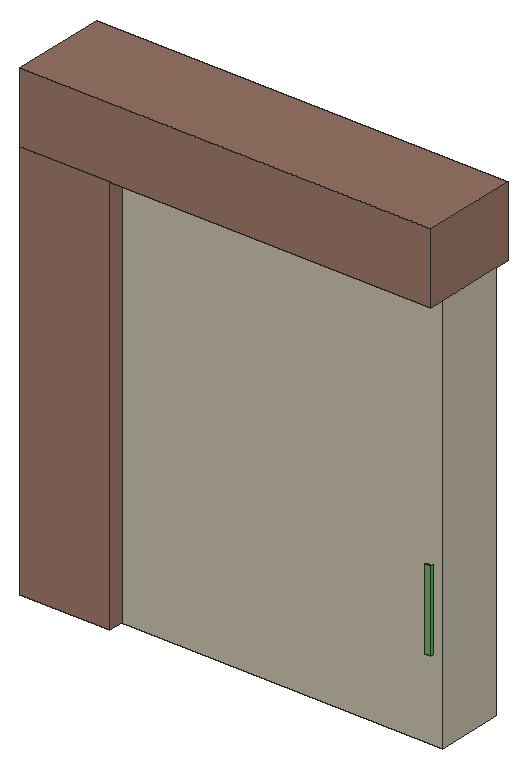
Revit family
Parameters (values of type "Default")
  URL = "www.wondoor.com"
  Type Comments = "Straight Door"  # constant formula
  Minimum Width = 8' - 0"
  Maximum Width = 10' - 0"
  Maximum Height = 10' - 3 1/4"
  Keynote = ""
  Drywall 2 Layer = not([1 Hour Fire Rating])  # no
  Drywall 1 Layer = or([1 Hour Fire Rating], [2 Hour Fire Rating])  # yes
  Door Open [instance] = not(Door Closed)  # no
  Door Closed [instance] = yes
  2 Hour Fire Rating = no
  Thickness = 1' - 6"  # constant formula
  Stack Depth = 1' - 10"
  Series = "FireGuard Moveable Fire Wall"  # constant formula
  Section Spacing = Stack Depth - 1' 4 5/32"  # 0' - 5 27/32"
  Rough Width = Width + Stack Depth  # 9' - 10"
  Rough Height = Head Height + Height  # 11' - 6"
  Revisions Date = "7/31/2012"  # constant formula
  Pocket Thickness = if([2 Hour Fire Rating], 0' 6 1/8", 0' 4 7/8")  # 0' - 4 7/8"
  Pocket Finish = Wood - Won Door - Wall Finish
  Pocket Depth = if([2 Hour Fire Rating], 2' 7 1/4", 2' 4 3/4")  # 2' - 4 3/4"
  Operation = "Horizontal Sliding"
  Opening Width = 8' - 0"
  Opening Height = 10' - 0"
  1 Hour Fire Rating = not([2 Hour Fire Rating])  # yes
  Model = "Default"
  MasterFormat Title = "Folding Fire Doors"  # constant formula
  MasterFormat Number = "08.35.13.23"  # constant formula
  Manufacturer = "Won-Door Corporation"  # constant formula
  LEED = ""
  Head Height = 1' - 6"
  Head Finish = Wood - Won Door - Wall Finish
  Hardware Finish = Plastic - Won Door - Green - Exit Hardware Finish
  Function = (empty or 0)
  Height = if(or(Opening Height < Maximum Height, Opening Height = Maximum Height), Opening Height, Maximum Height)  # 10' - 0"
  Wall Closure = (empty or 0)
  Width = if(Opening Width > Maximum Width, Maximum Width, if(Opening Width < Minimum Width, Minimum Width, Opening Width))  # 8' - 0"
  Fire Rating = if([2 Hour Fire Rating], "1.5 Hour", "1 Hour")  # "1 Hour"
  Description = "Moveable Fire Wall"  # constant formula
  Created By = "CADdetails, LTD"  # constant formula
  Assembly Code = "C1020110"
  Architectural Design Manual = "http://www.caddetails.com/2004/mainlogin.asp?brow=yes&pe=1&cid=3071"
  Accordain Door Finish = Metal - Won Door - #33 Toast - Steel V-grooved
Reference planes (in)
  plane 1 "Center (Front/Back)": y = 0
  plane 2 "Center (Left/Right)": x = 11
  plane 3 "Left": x = -63.875
  plane 4 "Right": x = 59
  plane 5 "Top": z = 141.25289
  plane 6 "Exterior": y = 3.011
  plane 7 "Interior": y = -2.989
  plane 8: x = -37
  plane 9: y = 14.375
  plane 10: y = -14.375
  plane 11 "Back": y = 10
  plane 12 "Front": y = -10
  plane 13: z = 121.66389
  plane 14: z = 120
  plane 15 "Threaded Rod": z = 125.12789
  plane 16: x = -59
Forms (in)
  Extrusion 1, solid, material "Wood - Won Door - Wall Finish" <- "Pocket Finish"
    sketch origin (0, 0, 0) x (1, 0, 0) y (0, 1, 0)
      loop
        line (-59, 10) -> (-37, 10) -> (-37, 14.375) -> (-63.875, 14.375) -> (-63.875, -14.375) -> (-37, -14.375) -> (-37, -10) -> (-59, -10) -> (-59, 10)
    from 0 to 120
  Extrusion 2, solid, material "Metal - Won Door - #33 Toast - Steel V-grooved" <- "Accordain Door Finish", visible <- "Door Closed"
    sketch origin (0, 0, 0) x (1, 0, 0) y (0, 1, 0)
      loop
        line (-59, -10) -> (59, -10) -> (59, 10) -> (-59, 10) -> (-59, -10)
    from 0 to 120
  Extrusion 3, solid, material "Wood - Won Door - Wall Finish" <- "Head Finish"
    sketch origin (11, 0, 0) x (0, 1, 0) y (0, 0, 1)
      loop
        line (9, 121.66389) -> (9, 125.12789) -> (-9, 125.12789) -> (-9, 121.66389) -> (9, 121.66389)
    from -70 to 45
  Extrusion 4, solid, material "Wood - Won Door - Wall Finish" <- "Pocket Finish"
    sketch origin (0, 0, 0) x (1, 0, 0) y (0, 1, 0)
      loop
        line (-63.875, -14.375) -> (59, -14.375) -> (59, 14.375) -> (-63.875, 14.375) -> (-63.875, -14.375)
      loop
        line (56, -9) -> (56, 9) -> (-60.875, 9) -> (-60.875, -9) -> (56, -9)
    from 120 to 141.25289
  Extrusion 5, solid, material "Wood - Won Door - Wall Finish" <- "Pocket Finish"
    sketch origin (0, 0, 0) x (1, 0, 0) y (0, 1, 0)
      loop
        line (-60.875, -9) -> (56, -9) -> (56, 9) -> (-60.875, 9) -> (-60.875, -9)
    from 138.25138 to 141.25289
  Extrusion 6, solid, material "Plastic - Won Door - Green - Exit Hardware Finish" <- "Hardware Finish", visible <- "Door Closed", detail levels fine
    sketch origin (0, -10, 0) x (-1, 0, 0) y (0, 0, 1)
      loop
        line (-54.25, 24) -> (-54.25, 48) -> (-56, 48) -> (-56, 24) -> (-54.25, 24)
    from -0.49807 to 0
  Extrusion 7, solid, material "Plastic - Won Door - Green - Exit Hardware Finish" <- "Hardware Finish", visible <- "Door Closed", detail levels fine
    sketch origin (0, 10, 0) x (-1, 0, 0) y (0, 0, 1)
      loop
        line (-56, 24) -> (-54.25, 24) -> (-54.25, 48) -> (-56, 48) -> (-56, 24)
    from 0 to 0.5
  Extrusion 8, solid, material "Metal - Won Door - #33 Toast - Steel V-grooved" <- "Accordain Door Finish", visible <- "Door Open"
    sketch origin (0, 0, 125.12789) x (1, 0, 0) y (0, 1, 0)
      loop
        line (-59, -10) -> (-37, -10) -> (-37, 10) -> (-59, 10) -> (-59, -10)
    from -125.12789 to -5.12789
Cuts and joins
  joined: Extrusion 4, Extrusion 5
Lines and regions (in)
  Opening 1
    outline origin (-90, -2.989, 0) x (1, 0, 0) y (0, 0, 1)
      loop
        line (26.125, 0) -> (149, 0) -> (149, 141.25289) -> (26.125, 141.25289) -> (26.125, 0)
  Masking region 1, detail levels coarse+medium
    outline origin (0, 0, 125.12789) x (1, 0, 0) y (0, 1, 0)
      loop
        line (-63.875, -14.375) -> (-37, -14.375) -> (-37, 14.375) -> (-63.875, 14.375) -> (-63.875, -14.375)
  Masking region 2, detail levels medium
    outline origin (0, 0, 125.12789) x (1, 0, 0) y (0, 1, 0)
      loop
        line (-57.22995, -9.32139) -> (-57.22995, -6.46725) -> (-56.83076, -6.46725) -> (-56.83076, -6.41925) -> (-57.18195, -6.41925) -> (-57.18195, 6.44125) -> (-56.83076, 6.44125) -> (-56.83076, 6.49235) -> (-57.22995, 6.49235) -> (-57.22995, 9.34339)
        arc (-57.22995, 9.34339) -> (-57.42549, 9.81546) -> (-57.89757, 10.011) r 0.66761
        line (-57.89757, 10.011) -> (-59, 10.011) -> (-59, -9.989) -> (-57.89757, -9.989)
        arc (-57.89757, -9.989) -> (-57.42549, -9.79346) -> (-57.22995, -9.32139) r 0.66761
  Masking region 3, detail levels fine
    outline origin (0, 0, 125.12789) x (1, 0, 0) y (0, 1, 0)
      loop
        line (59, -2.0625) -> (61.375, -1.1875) -> (63.25, -1.1875) -> (63.25, 1.1875) -> (61.375, 1.1875) -> (59, 2.0625) -> (59, 1.92929) -> (61.35271, 1.0625) -> (63.125, 1.0625) -> (63.125, -1.0625) -> (61.35271, -1.0625) -> (59, -1.92929) -> (59, -2.0625)
  Masking region 4, detail levels medium
    outline origin (0, 0, 125.12789) x (1, 0, 0) y (0, 1, 0)
      loop
        line (-57.18195, -6.41925) -> (-38.09543, -6.41925) -> (-38.09543, 6.44125) -> (-57.18195, 6.44125) -> (-57.18195, -6.41925)
  Masking region 5, detail levels medium+fine
    outline origin (0, 0, 125.12789) x (1, 0, 0) y (0, 1, 0)
      loop
        line (-37, -12.5) -> (-37, 12.5) -> (-38.09543, 12.5) -> (-38.09543, -12.5) -> (-37, -12.5)
  Masking region 6, detail levels fine
    outline origin (0, 0, 125.12789) x (1, 0, 0) y (0, 1, 0)
      loop
        line (-40.09543, -10) -> (-40.09543, -8.5) -> (-40.22043, -8.5) -> (-40.22043, -9.875) -> (-41.59543, -9.875) -> (-41.59543, -10) -> (-40.09543, -10)
      loop
        line (-40.09543, 10) -> (-41.59543, 10) -> (-41.59543, 9.875) -> (-40.22043, 9.875) -> (-40.22043, 8.5) -> (-40.09543, 8.5) -> (-40.09543, 10)
  Masking region 7, detail levels coarse+medium
    outline origin (0, 0, 125.12789) x (1, 0, 0) y (0, 1, 0)
      loop
        line (59, -2.0625) -> (63.25, -2.0625) -> (63.25, 2.0625) -> (59, 2.0625) -> (59, -2.0625)
  Masking region 8, detail levels medium
    outline origin (11, 0, 0) x (0, 1, 0) y (0, 0, 1)
      loop
        line (9, 121.66389) -> (9, 125.12789) -> (-9, 125.12789) -> (-9, 121.66389) -> (9, 121.66389)
  symbolic lines, style "DoorsHiddenLines"
    curve 1: line (-37, 10, 125.12789) -> (59, 10, 125.12789)
    curve 2: line (-37, -10, 125.12789) -> (59, -10, 125.12789)
    curve 12: line (59, -10, 125.12789) -> (59, 10, 125.12789)
  symbolic lines, style "DoorsHiddenLines", detail levels medium+fine
    curve 3: line (11, 5.96651, 125.12789) -> (11, 5.96651, 141.25289)
    curve 4: line (11, 5.53349, 125.12789) -> (11, 5.53349, 141.25289)
    curve 5: line (11, -5.53349, 125.12789) -> (11, -5.53349, 141.25289)
    curve 6: line (11, -5.96651, 125.12789) -> (11, -5.96651, 141.25289)
    curve 7: line (11, 9, 120) -> (11, 9, 0)
    curve 8: line (11, -9, 120) -> (11, -9, 0)
  symbolic lines, detail levels medium
    curve 9: line (-38.09543, 10, 125.12789) -> (-59, 10, 125.12789)
    curve 10: line (-59, 10, 125.12789) -> (-59, -10, 125.12789)
    curve 11: line (-59, -10, 125.12789) -> (-38.09543, -10, 125.12789)
  symbolic lines, style "DoorsHiddenLines", detail levels fine
    curve 13: line (-54.07342, -6.42885, 125.12789) -> (-47.68899, -6.42885, 125.12789)
    curve 14: line (-47.68899, 6.45085, 125.12789) -> (-54.07342, 6.45085, 125.12789)
  symbolic lines, style "DoorsFrameMullionProjection", visible <- "Drywall 1 Layer", detail levels medium+fine
    curve 15: line (-63.25, -13.75, 125.12789) -> (-37.625, -13.75, 125.12789)
    curve 16: line (-37.625, -13.75, 125.12789) -> (-37.625, -13.125, 125.12789)
    curve 17: line (-37.625, -13.125, 125.12789) -> (-38.72043, -13.125, 125.12789)
    curve 18: line (-38.72043, -13.125, 125.12789) -> (-38.72043, -10.625, 125.12789)
    curve 19: line (-38.72043, -10.625, 125.12789) -> (-59.625, -10.625, 125.12789)
    curve 20: line (-59.625, -10.625, 125.12789) -> (-59.625, 10.636, 125.12789)
    curve 21: line (-59.625, 10.636, 125.12789) -> (-38.72043, 10.636, 125.12789)
    curve 22: line (-38.72043, 10.636, 125.12789) -> (-38.72043, 13.125, 125.12789)
    curve 23: line (-38.72043, 13.125, 125.12789) -> (-37.625, 13.125, 125.12789)
    curve 24: line (-37.625, 13.125, 125.12789) -> (-37.625, 13.75, 125.12789)
    curve 25: line (-37.625, 13.75, 125.12789) -> (-63.25, 13.75, 125.12789)
    curve 26: line (-63.25, 13.75, 125.12789) -> (-63.25, -13.75, 125.12789)
    curve 35: line (11, 9.625, 120.625) -> (11, 13.75, 120.625)
    curve 36: line (11, 13.75, 120.625) -> (11, 13.75, 141.25289)
    curve 37: line (11, 9.625, 141.25289) -> (11, 9.625, 120.625)
    curve 41: line (11, -9.625, 120.625) -> (11, -13.75, 120.625)
    curve 42: line (11, -13.75, 120.625) -> (11, -13.75, 141.25289)
    curve 43: line (11, -9.625, 141.25289) -> (11, -9.625, 120.625)
  symbolic lines, style "DoorsFrameMullionProjection", visible <- "Drywall 2 Layer", detail levels medium+fine
    curve 27: line (-39.34543, -13.125, 125.12789) -> (-39.34543, -11.25, 125.12789)
    curve 28: line (-39.34543, -11.25, 125.12789) -> (-60.25, -11.25, 125.12789)
    curve 29: line (-60.25, -11.25, 125.12789) -> (-60.25, 11.261, 125.12789)
    curve 30: line (-60.25, 11.261, 125.12789) -> (-39.34543, 11.261, 125.12789)
    curve 31: line (-39.34543, 11.261, 125.12789) -> (-39.34543, 13.125, 125.12789)
    curve 32: line (-39.34543, 13.125, 125.12789) -> (-62.625, 13.125, 125.12789)
    curve 33: line (-62.625, 13.125, 125.12789) -> (-62.625, -13.125, 125.12789)
    curve 34: line (-62.625, -13.125, 125.12789) -> (-39.34543, -13.125, 125.12789)
    curve 38: line (11, 13.125, 121.25) -> (11, 13.125, 141.25289)
    curve 39: line (11, 10.25, 141.25289) -> (11, 10.25, 121.25)
    curve 40: line (11, 10.25, 121.25) -> (11, 13.125, 121.25)
    curve 44: line (11, -13.125, 121.25) -> (11, -13.125, 141.25289)
    curve 45: line (11, -10.25, 141.25289) -> (11, -10.25, 121.25)
    curve 46: line (11, -10.25, 121.25) -> (11, -13.125, 121.25)
Text (in)
  text "Exterior" at (-113.03814, 61.76466, 0), in view "Ref. Level"
  text "Interior" at (-87.26001, -45.25896, 0), in view "Ref. Level"
  text "Exterior" at (0, 40.15149, 123.01588), in view "Right"
  text "Interior" at (0, -64.39139, 123.01588), in view "Right"
  text "Interior" at (0, -31.01599, 123.00693), in view "Left"
  text "Exterior" at (0, 54.57065, 123.00693), in view "Left"
Dimensions and locks (in)
  host wall to plane 5 "Top" = 11' - 9.25289"
  "Pocket Depth": plane 9 to plane 10
  equal spacing: plane 9, plane 1 "Center (Front/Back)", plane 10
  locked: plane 13 to plane 14 at 1.66389
  locked: plane 3 "Left" to Extrusion 4 sketch curve at 3
  locked: plane 3 "Left" to Extrusion 5 sketch curve at 3
  locked: Extrusion 5 sketch curve to plane 4 "Right" at 3
  locked: plane 13 to plane 15 "Threaded Rod" at 3.46399
  locked: Extrusion 4 sketch curve to plane 4 "Right" at 3
  locked: cut or joined group of Extrusion 4, Extrusion 5 to plane 5 "Top" at 3.0015
  Extrusion 4 sketch curve to plane 1 "Center (Front/Back)" to Extrusion 4 sketch curve = 0' - 9" locked, 0' - 9" locked
  Extrusion 3 sketch curve to plane 1 "Center (Front/Back)" to Extrusion 3 sketch curve = 0' - 9" locked, 0' - 9" locked
  Extrusion 5 sketch curve to plane 1 "Center (Front/Back)" to Extrusion 5 sketch curve = 0' - 9" locked, 0' - 9" locked
  curve 7 to plane 1 "Center (Front/Back)" to curve 8 = 0' - 9" locked, 0' - 9" locked
  Extrusion 6 sketch curve to Extrusion 6 sketch curve to level = 2' - 0" locked, 2' - 0" locked
  Extrusion 6 sketch curve to Extrusion 6 sketch curve to plane 4 "Right" = 0' - 1 3/4" locked, 0' - 3" locked
  Extrusion 3 to Extrusion 6 = 8' - 5.12789"
  locked: plane 12 "Front" to Extrusion 6 at 0.49807
  locked: Extrusion 7 to plane 11 "Back" at 0.5
  plane 11 "Back" to host wall to plane 12 "Front" = 0' - 9.989" locked, 0' - 10.011" locked
  Extrusion 7 sketch curve to Extrusion 7 sketch curve to plane 4 "Right" = 0' - 1 3/4" locked, 0' - 3" locked
  level to Extrusion 7 sketch curve to Extrusion 7 sketch curve = 2' - 0" locked, 2' - 0" locked
  locked: plane 4 "Right" to Extrusion 3 at 3
  "Opening Height": level to plane 14
  "Width": plane 8 to plane 4 "Right"
  equal spacing: plane 8, plane 2 "Center (Left/Right)", plane 4 "Right"
  "Pocket Thickness": plane 3 "Left" to Extrusion 1 sketch curve
  "Pocket Thickness": plane 3 "Left" to plane 16
  "Stack Depth": plane 16 to plane 8
  locked: Extrusion 8 to plane 14 at 0
  Masking region 2 sketch curve to Masking region 2 sketch curve to Masking region 2 sketch curve to host wall to Masking region 2 sketch curve to Masking region 2 sketch curve to Masking region 2 sketch curve = 0' - 3.52175" locked, 0' - 0.048" locked, 0' - 6.43025" locked, 0' - 6.43025" locked, 0' - 0.0511" locked, 0' - 3.51865" locked
  plane 16 to Masking region 2 sketch curve to Masking region 2 sketch curve to Masking region 2 sketch curve = 0' - 1.77005" locked, 0' - 0.39919" locked, 0' - 0" locked
  plane 16 to Masking region 2 sketch curve to Masking region 2 sketch curve = 0' - 1.77005" locked, 0' - 0.048" locked
  locked: import instance to plane 8 at 1.71059
  locked: plane 16 to import instance at 2.10005
  locked: plane 1 "Center (Front/Back)" to import instance at 0.7295
  locked: import instance to plane 1 "Center (Front/Back)" at 1.5865
  curve 14 to plane 1 "Center (Front/Back)" to curve 13 = 0' - 6.45085" locked, 0' - 6.42885" locked
  locked: plane 16 to curve 14 at 4.92658
  locked: plane 16 to curve 13 at 4.92658
  locked: curve 13 to plane 8 at 10.68899
  locked: curve 14 to plane 8 at 10.68899
  plane 4 "Right" to Masking region 3 sketch curve to Masking region 3 sketch curve to Masking region 3 sketch curve to Masking region 3 sketch curve = 0' - 2.35271" locked, 0' - 0.02229" locked, 0' - 1 3/4" locked, 0' - 0 1/8" locked
  plane 4 "Right" to Masking region 3 sketch curve to Masking region 3 sketch curve = 0' - 2.35271" locked, 0' - 0.02229" locked
  Masking region 3 sketch curve to Masking region 3 sketch curve to Masking region 3 sketch curve to Masking region 3 sketch curve to plane 1 "Center (Front/Back)" to Masking region 3 sketch curve to Masking region 3 sketch curve to Masking region 3 sketch curve to Masking region 3 sketch curve = 0' - 0.13321" locked, 0' - 0.74179" locked, 0' - 0 1/8" locked, 0' - 1 1/16" locked, 0' - 1 1/16" locked, 0' - 0 1/8" locked, 0' - 0.74179" locked, 0' - 0.13321" locked
  locked: plane 16 to Masking region 4 sketch curve at 1.81805
  locked: Masking region 4 sketch curve to plane 8 at 1.09543
  Masking region 4 sketch curve to plane 1 "Center (Front/Back)" to Masking region 4 sketch curve = 0' - 6.41925" locked, 0' - 6.44125" locked
  Masking region 5 sketch curve to plane 1 "Center (Front/Back)" to Masking region 5 sketch curve = 1' - 0 1/2" locked, 1' - 0 1/2" locked
  locked: Masking region 5 sketch curve to plane 8 at 1.09543
  Masking region 6 sketch curve to Masking region 6 sketch curve to plane 12 "Front" = 0' - 1 3/8" locked, 0' - 0 1/8" locked
  Masking region 6 sketch curve to Masking region 6 sketch curve to Masking region 6 sketch curve to plane 8 = 0' - 1 3/8" locked, 0' - 0 1/8" locked, 0' - 3.09543" locked  (x2)
  plane 11 "Back" to Masking region 6 sketch curve to Masking region 6 sketch curve = 0' - 0 1/8" locked, 0' - 1 3/8" locked
  locked: plane 4 "Right" to Masking region 7 sketch curve at 4.25
  Masking region 7 sketch curve to plane 1 "Center (Front/Back)" to Masking region 7 sketch curve = 0' - 2 1/16" locked, 0' - 2 1/16" locked
  curve 3 to curve 4 to plane 1 "Center (Front/Back)" to curve 5 to curve 6 = 0' - 0.43301" locked, 0' - 5.53349" locked, 0' - 5.53349" locked, 0' - 0.43301" locked
  locked: plane 13 to import instance at 1.58899
  plane 3 "Left" to curve 26 to curve 33 = 0' - 0 5/8" locked, 0' - 0 5/8" locked
  curve 34 to curve 15 to plane 10 = 0' - 0 5/8" locked, 0' - 0 5/8" locked
  plane 9 to curve 25 to curve 32 = 0' - 0 5/8" locked, 0' - 0 5/8" locked
  curve 31 to curve 22 to curve 24 to plane 8 = 0' - 0 5/8" locked, 0' - 1.09543" locked, 0' - 0 5/8" locked
  curve 27 to curve 18 to curve 16 to plane 8 = 0' - 0 5/8" locked, 0' - 1.09543" locked, 0' - 0 5/8" locked
  curve 29 to curve 20 to plane 16 = 0' - 0 5/8" locked, 0' - 0 5/8" locked
  curve 40 to curve 35 to plane 14 = 0' - 0 5/8" locked, 0' - 0 5/8" locked
  curve 46 to curve 41 to plane 14 = 0' - 0 5/8" locked, 0' - 0 5/8" locked
  plane 9 to curve 36 to curve 38 = 0' - 0 5/8" locked, 0' - 0 5/8" locked
  curve 44 to curve 42 to plane 10 = 0' - 0 5/8" locked, 0' - 0 5/8" locked
  curve 39 to plane 11 "Back" to curve 37 = 0' - 0 1/4" locked, 0' - 0 3/8" locked
  curve 43 to plane 12 "Front" to curve 45 = 0' - 0 3/8" locked, 0' - 0 1/4" locked
  aligned and locked: plane 3 "Left" to Opening 1 sketch curve
  aligned and locked: plane 5 "Top" to Opening 1 sketch curve  (x2)
  aligned and locked: Opening 1 sketch curve to plane 4 "Right"
  aligned and locked: Opening 1 sketch curve to level
  aligned and locked: plane 6 "Exterior" to host wall
  aligned and locked: host wall to plane 7 "Interior"
  aligned and locked: Extrusion 1 sketch curve to plane 3 "Left"
  aligned and locked: Extrusion 1 sketch curve to plane 10
  aligned and locked: Extrusion 1 sketch curve to plane 9
  aligned and locked: Extrusion 1 sketch curve to plane 8
  aligned and locked: Extrusion 1 sketch curve to Extrusion 1 sketch curve
  aligned: Extrusion 1 to plane 5 "Top"
  aligned and locked: Extrusion 2 sketch curve to plane 12 "Front"
  aligned and locked: plane 11 "Back" to Extrusion 2 sketch curve
  aligned and locked: plane 13 to Extrusion 3 sketch curve
  aligned and locked: plane 14 to Extrusion 2
  aligned and locked: Extrusion 1 to Extrusion 3
  aligned and locked: Extrusion 4 sketch curve to plane 4 "Right"
  aligned and locked: Extrusion 4 sketch curve to plane 10
  aligned and locked: Extrusion 4 sketch curve to plane 9
  aligned and locked: Extrusion 4 to plane 5 "Top"
  aligned and locked: Extrusion 4 to plane 14
  aligned and locked: plane 14 to Extrusion 1
  aligned and locked: plane 3 "Left" to Extrusion 4 sketch curve
  aligned and locked: Extrusion 5 to plane 5 "Top"
  aligned and locked: Masking region 1 sketch curve to plane 8
  aligned and locked: curve 1 to plane 11 "Back"
  aligned and locked: curve 2 to plane 12 "Front"
  aligned and locked: plane 8 to curve 2
  aligned and locked: plane 8 to curve 1
  aligned and locked: plane 15 "Threaded Rod" to curve 3
  aligned and locked: plane 15 "Threaded Rod" to curve 4
  aligned and locked: plane 15 "Threaded Rod" to curve 5
  aligned and locked: plane 15 "Threaded Rod" to curve 6
  aligned and locked: plane 14 to curve 7
  aligned and locked: level to curve 7
  aligned and locked: plane 14 to curve 8
  aligned and locked: level to curve 8
  aligned and locked: Extrusion 6 to Extrusion 2
  aligned and locked: Extrusion 7 to Extrusion 2
  aligned and locked: Extrusion 1 sketch curve to plane 11 "Back"
  aligned and locked: Extrusion 1 sketch curve to plane 12 "Front"
  aligned and locked: plane 4 "Right" to curve 2
  aligned and locked: plane 4 "Right" to curve 1
  aligned and locked: Extrusion 2 sketch curve to plane 4 "Right"
  aligned and locked: Masking region 2 sketch curve to plane 16
  aligned and locked: plane 16 to Extrusion 2 sketch curve
  aligned and locked: plane 9 to Masking region 1 sketch curve
  aligned and locked: Masking region 1 sketch curve to plane 10
  aligned and locked: plane 3 "Left" to Masking region 1 sketch curve
  aligned and locked: plane 16 to curve 10
  aligned and locked: plane 11 "Back" to curve 12
  aligned and locked: plane 12 "Front" to curve 12
  aligned and locked: plane 11 "Back" to Extrusion 8 sketch curve
  aligned and locked: Extrusion 8 sketch curve to plane 12 "Front"
  aligned and locked: Extrusion 8 sketch curve to plane 8
  aligned and locked: plane 16 to Extrusion 8 sketch curve
  aligned and locked: Extrusion 8 to level
  aligned and locked: Masking region 3 sketch curve to plane 4 "Right"  (x2)
  aligned and locked: plane 8 to Masking region 5 sketch curve
  aligned and locked: Masking region 5 to curve 9
  aligned and locked: Masking region 5 to curve 11
  aligned and locked: Masking region 6 sketch curve to plane 11 "Back"
  aligned and locked: Masking region 6 sketch curve to plane 12 "Front"
  aligned and locked: plane 4 "Right" to Masking region 7 sketch curve
  aligned and locked: Extrusion 3 sketch curve to plane 15 "Threaded Rod"
  aligned and locked: Extrusion 3 to Masking region 8 sketch curve
  aligned and locked: Masking region 8 sketch curve to Extrusion 3  (x3)
  aligned and locked: plane 5 "Top" to curve 3
  aligned and locked: plane 5 "Top" to curve 4
  aligned and locked: plane 5 "Top" to curve 5
  aligned and locked: plane 5 "Top" to curve 6
  aligned and locked: plane 5 "Top" to curve 36
  aligned and locked: plane 5 "Top" to curve 38
  aligned and locked: plane 5 "Top" to curve 39
  aligned and locked: plane 5 "Top" to curve 37
  aligned and locked: plane 5 "Top" to curve 43
  aligned and locked: plane 5 "Top" to curve 45
  aligned and locked: plane 5 "Top" to curve 44
  aligned and locked: plane 5 "Top" to curve 42
Automatic sketch dimensions
  Masking region 2 sketch curve to plane 16 = 0' - 1.10243"
  Masking region 2 sketch curve to Masking region 2 sketch curve = 0' - 0.66761"
  curve 11 to plane 12 "Front" = 0' - 0"
  curve 10 to plane 11 "Back" = 0' - 0"
  curve 15 to curve 17 = 0' - 0 5/8"
  curve 29 to plane 12 "Front" = 0' - 1 1/4"
  curve 18 to plane 12 "Front" = 0' - 0 5/8"
  plane 11 "Back" to curve 20 = 0' - 0.636"
  curve 20 to curve 30 = 0' - 0 5/8"
  curve 31 to curve 22 = 0' - 0"
